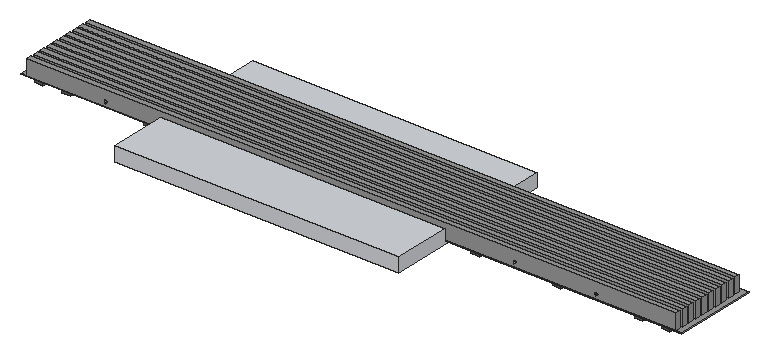
Revit family "1413-10, Veneer", category Generic Models, host Face, Revit 2020
Family settings
  Host = Face
  Can host rebar = No
  Round Connector Dimension = Use Diameter
  Part Type = Normal
  Cut with Voids When Loaded = No
  Shared = No
  Room Calculation Point = No
Parameters
  min_value [instance] = 2' - 4"  # constant formula
  max_value [instance] = 9' - 11 1/4"  # constant formula
  actual_value [instance] = if(NET LENGTH < min_value, min_value, if(NET LENGTH > max_value, max_value, NET LENGTH))  # 7' - 11 1/4"
  SCRIM MATERIAL [instance] = SCRIM
  SCRIM APPEARANCE [instance] = yes
  NET LENGTH [instance] = 7' - 11 1/4"
  IMPORTANT NOTE!!!                                                                             *Backer & dowel layout is for visualization purposes only, final layout to be determined by 9Wood. [instance] = ""
  Default Elevation = 4' - 0"
  DOWEL RADIUS [instance] = 0' - 0 1/4"  # constant formula
  BACKER & DOWEL MATERIAL [instance] = BLACK-BACKERS
  .. MEMBER WIDTH [instance] = 0' - 0 3/4"  # constant formula
  .. MEMBER MATERIAL [instance] = Veneer Cherry
  .. MEMBER DEPTH [instance] = 0' - 2 1/4"  # constant formula
  .. MEMBER COUNT [instance] = 10  # constant formula
Reference planes (in)
  plane 1 "Center (Front/Back)": y = 0
  plane 2: z = 0
  plane 3 "Center (Left/Right)": x = 0
Forms (in)
  Extrusion 1, solid
    sketch origin (0, 0, 0) x (1, 0, 0) y (0, 1, 0)
      loop
        line (-24.24823, 14.63962) -> (-24.24823, -10.69266) -> (17.36192, -10.69266) -> (17.36192, 14.63962) -> (-24.24823, 14.63962)
    from 0 to 2.0625
Dimensions and locks (in)
  aligned and locked: plane 2 to Extrusion 1
Nested families (in)
  nested 1: "1400 series" at (-44.01308, -2.1224, 0.00189), NET LENGTH <- "actual_value", .. MEMBER DEPTH <- ".. MEMBER DEPTH", .. MEMBER WIDTH <- ".. MEMBER WIDTH", DOWEL RADIUS <- "DOWEL RADIUS", BACKER & DOWEL MATERIAL <- "BACKER & DOWEL MATERIAL", .. MEMBER MATERIAL <- ".. MEMBER MATERIAL", SCRIM MATERIAL <- "SCRIM MATERIAL", MEMBER COUNT <- ".. MEMBER COUNT", SCRIM APPEARANCE <- "SCRIM APPEARANCE", type "1400 series"
    with X 7' - 8", SCRIM MATERIAL SCRIM, SCRIM LENGTH 8' - 1", SCRIM APPEARANCE yes, SCRIM 2 0' - 0 7/8", SCRIM 1 0' - 0 3/32", OC TYP 1' - 0", NET LENGTH 7' - 11 1/4", N 8, MEMBER COUNT 10, INSET 2 0' - 0 3/16", INSET 0' - 1", HALF MEMBER WIDTH 0' - 0 3/8", END BACKER yes, DOWEL RADIUS 0' - 0 1/4", DOWEL INDEX 0' - 11 5/8", DOWEL COUNT 7, BACKING M COUNT 8, BACKER WIDTH 0' - 1 1/4", BACKER INDEX 0' - 5 5/8", BACKER DEPTH 0' - 0 1/2", BACKER & DOWEL MATERIAL BLACK-BACKERS, BACKER &  DOWEL LENGTH 0' - 11 7/8", .. MEMBER WIDTH 0' - 0 3/4", .. MEMBER OC TYP 0' - 1.2", .. MEMBER MATERIAL Veneer Cherry, .. MEMBER DEPTH 0' - 2 1/4"
Definition of nested family "1400 series"
  Parameters (values of type "1400 series")
    X [instance] = NET LENGTH - 0' 3 1/4"  # 7' - 2"
    SCRIM MATERIAL [instance] = none
    SCRIM APPEARANCE [instance] = yes
    SCRIM 2 [instance] = 0' - 0 7/8"  # constant formula
    SCRIM 1 [instance] = 0' - 0 3/32"  # constant formula
    OC TYP [instance] = 1' - 0"  # constant formula
    N [instance] = if((X - (rounddown(X / 1' 0") * 1' 0")) > 1' 0", rounddown(X / 1' 0") + 2, rounddown(X / 1' 0") + 1)  # 8
    MEMBER COUNT [instance] = 2
    INSET 5 = 0' - 0 11/16"  # constant formula
    INSET 2 [instance] = 0' - 0 3/16"  # constant formula
    INSET [instance] = 0' - 1"  # constant formula
    END BACKER [instance] = BACKER INDEX > 0' 3 5/8"  # no
    HALF MEMBER WIDTH [instance] = .. MEMBER WIDTH / 2  # 0' - 1 1/8"
    Default Elevation = 0' - 0"
    DOWEL RADIUS [instance] = 0' - 0 1/4"
    DOWEL INDEX [instance] = BACKER INDEX + 0' 6"  # 0' - 8 5/8"
    DOWEL COUNT [instance] = N - 1  # 7
    BACKER WIDTH [instance] = 0' - 1 1/4"  # constant formula
    BACKER INDEX [instance] = (NET LENGTH - ((N - 1) * 1' 0")) / 2  # 0' - 2 5/8"
    BACKER DEPTH [instance] = 0' - 0 1/2"  # constant formula
    BACKING M COUNT [instance] = N  # 8
    BACKER & DOWEL MATERIAL [instance] = none
    BACKER &  DOWEL LENGTH [instance] = 0' - 11 7/8"  # constant formula
    SCRIM LENGTH [instance] = NET LENGTH + (SCRIM 2 * 2)  # 7' - 7"
    .. MEMBER WIDTH [instance] = 0' - 2 1/4"
    .. MEMBER OC TYP [instance] = 1' 0" / MEMBER COUNT  # 0' - 6"
    .. MEMBER MATERIAL [instance] = none
    NET LENGTH [instance] = 7' - 5 1/4"
    .. MEMBER DEPTH [instance] = 0' - 4"
  Reference planes (in)
    plane 1 "Center (Front/Back)": y = 0
    plane 2: z = 0
    plane 3 "Center (Left/Right)": x = 0
    plane 4: x = 89.25
    plane 5: x = 1
    plane 6: x = 88.25
    plane 7: x = 2.625
    plane 8: x = 8.625
    plane 9: x = 14.625
    plane 10: x = 20.625
    plane 11: y = 0.1875
    plane 12: y = 1.125
    plane 13: y = 7.125
    plane 14: y = 12.0625
    plane 15: x = 90.125
    plane 16: x = -0.875
    plane 17: y = 12.15625
    plane 18: y = -0.09375
    plane 19: z = 2.7097
    plane 20: z = 0.49811
    plane 21: z = 0.56061
    plane 22: z = 1.24811
  Lines and regions (in)
    model lines, not visible
      curve 1: line (8.625, 0, 0.99811) -> (8.625, 0, 1.49811)
      curve 2: line (8.625, 0, 1.49811) -> (8.375, 0, 1.24811)
      curve 3: line (8.375, 0, 1.24811) -> (8.875, 0, 1.24811)
      curve 4: line (20.625, 0, 0.99811) -> (20.625, 0, 1.49811)
      curve 5: line (20.625, 0, 1.49811) -> (20.375, 0, 1.24811)
      curve 6: line (20.375, 0, 1.24811) -> (20.875, 0, 1.24811)
      curve 7: line (32.625, 0, 0.99811) -> (32.625, 0, 1.49811)
      curve 8: line (32.625, 0, 1.49811) -> (32.375, 0, 1.24811)
      curve 9: line (32.375, 0, 1.24811) -> (32.875, 0, 1.24811)
      curve 10: line (44.625, 0, 0.99811) -> (44.625, 0, 1.49811)
      curve 11: line (44.625, 0, 1.49811) -> (44.375, 0, 1.24811)
      curve 12: line (44.375, 0, 1.24811) -> (44.875, 0, 1.24811)
      curve 13: line (56.625, 0, 0.99811) -> (56.625, 0, 1.49811)
      curve 14: line (56.625, 0, 1.49811) -> (56.375, 0, 1.24811)
      curve 15: line (56.375, 0, 1.24811) -> (56.875, 0, 1.24811)
      curve 16: line (68.625, 0, 0.99811) -> (68.625, 0, 1.49811)
      curve 17: line (68.625, 0, 1.49811) -> (68.375, 0, 1.24811)
      curve 18: line (68.375, 0, 1.24811) -> (68.875, 0, 1.24811)
      curve 19: line (80.625, 0, 0.99811) -> (80.625, 0, 1.49811)
      curve 20: line (80.625, 0, 1.49811) -> (80.375, 0, 1.24811)
      curve 21: line (80.375, 0, 1.24811) -> (80.875, 0, 1.24811)
  Dimensions and locks (in)
    "INSET": plane 3 "Center (Left/Right)" to plane 5
    "NET LENGTH": plane 3 "Center (Left/Right)" to plane 4
    "INSET": plane 6 to plane 4
    "BACKER INDEX": plane 3 "Center (Left/Right)" to plane 7
    "DOWEL INDEX": plane 3 "Center (Left/Right)" to plane 8
    "OC TYP": plane 7 to plane 9
    "OC TYP": plane 8 to plane 10
    "INSET 2": plane 1 "Center (Front/Back)" to plane 11
    equal spacing: group 1, group 2, group 5, group 6, group 7, group 13, group 14, group 16  (x3)
    equal spacing: group 3, group 4, group 8, group 9, group 10, group 15, group 17  (x3)
    group 11 to group 12 = 0' - 0"  (x2)
    group 11 to group 12 = 0' - 6"
    ".. MEMBER OC TYP": plane 13 to plane 12
    "HALF MEMBER WIDTH": plane 1 "Center (Front/Back)" to plane 12
    "SCRIM 2": plane 16 to plane 3 "Center (Left/Right)"
    "SCRIM 2": plane 4 to plane 15
    "SCRIM 1": plane 18 to plane 1 "Center (Front/Back)"
    "SCRIM 1": plane 17 to plane 14
    "INSET 5": plane 22 to plane 21
    aligned and locked: level to plane 2
    aligned and locked: plane 7 to nested 2
    aligned and locked: plane 5 to nested 1
    aligned and locked: plane 9 to nested 3
    aligned and locked: nested 1 to plane 5
    aligned and locked: nested 2 to plane 11
    aligned and locked: nested 1 to plane 11
    aligned and locked: nested 3 to plane 11
    aligned and locked: nested 4 to plane 11  (x2)
    aligned and locked: plane 10 to nested 5
    aligned and locked: plane 6 to nested 12
    aligned and locked: nested 5 to plane 11
    aligned and locked: plane 11 to nested 12
    aligned and locked: plane 12 to nested 13
    aligned and locked: nested 14 to plane 13
    aligned and locked: plane 14 to nested 8
    aligned and locked: plane 16 to nested 15
    aligned and locked: nested 15 to plane 18
    aligned and locked: nested 15 to plane 17
    aligned and locked: nested 15 to plane 16  (x2)
    aligned and locked: nested 1 to level
    aligned and locked: level to nested 3
    aligned and locked: plane 20 to nested 2
    aligned and locked: plane 20 to nested 1
    aligned and locked: plane 20 to nested 3
    aligned and locked: nested 12 to plane 20
    aligned and locked: nested 15 to plane 20
    aligned and locked: plane 21 to nested 15
    aligned and locked: nested 13 to plane 21
    aligned and locked: plane 22 to nested 4
    aligned and locked: plane 22 to nested 5
    aligned and locked: nested 13 to plane 8
    aligned and locked: plane 10 to nested 13
    aligned and locked: curve 1 to nested 13
    aligned and locked: nested 13 to curve 4
  Automatic sketch dimensions
    curve 3 to curve 1 = 0' - 0 1/4"  (x2)
    curve 1 to curve 3 = 0' - 0 1/4"
    curve 1 to curve 2 = 0' - 0 1/4"
    curve 6 to curve 4 = 0' - 0 1/4"  (x2)
    curve 4 to curve 6 = 0' - 0 1/4"
    curve 4 to curve 5 = 0' - 0 1/4"
    curve 9 to curve 7 = 0' - 0 1/4"  (x2)
    curve 7 to curve 9 = 0' - 0 1/4"
    curve 7 to curve 8 = 0' - 0 1/4"
    curve 12 to curve 10 = 0' - 0 1/4"  (x2)
    curve 10 to curve 12 = 0' - 0 1/4"
    curve 10 to curve 11 = 0' - 0 1/4"
    curve 15 to curve 13 = 0' - 0 1/4"  (x2)
    curve 13 to curve 15 = 0' - 0 1/4"
    curve 13 to curve 14 = 0' - 0 1/4"
    curve 18 to curve 16 = 0' - 0 1/4"  (x2)
    curve 16 to curve 18 = 0' - 0 1/4"
    curve 16 to curve 17 = 0' - 0 1/4"
    curve 21 to curve 19 = 0' - 0 1/4"  (x2)
    curve 19 to curve 21 = 0' - 0 1/4"
    curve 19 to curve 20 = 0' - 0 1/4"
  Nested families (in)
    nested 1: "INSTANCE - 3RD -  EXTEND BOTH SIDES - Parametric Cube.0001" at (1, 0.1875, 0.49811), Length <- "BACKER &  DOWEL LENGTH", Width <- "BACKER WIDTH", Height <- "BACKER DEPTH", Material <- "BACKER & DOWEL MATERIAL", visible <- "END BACKER", type "INSTANCE - 3RD -  EXTEND BOTH SIDES - Parametric Cube.0001"
      with Width 0' - 1 1/4", Material none, Length 0' - 11 7/8", Height 0' - 0 1/2"
    nested 2: "INSTANCE - 2ND -  EXTEND SIDE H CENTER W - Parametric Cube.0001" at (2.625, 0.1875, 0.49811), Width <- "BACKER WIDTH", Length <- "BACKER &  DOWEL LENGTH", Height <- "BACKER DEPTH", Material <- "BACKER & DOWEL MATERIAL", type "INSTANCE - 2ND -  EXTEND SIDE H CENTER W - Parametric Cube.0001"
      with Width 0' - 1 1/4", Material none, Length 0' - 11 7/8", Height 0' - 0 1/2"
    nested 3: "INSTANCE - 2ND -  EXTEND SIDE H CENTER W - Parametric Cube.0001" at (14.625, 0.1875, 0.49811), Width <- "BACKER WIDTH", Length <- "BACKER &  DOWEL LENGTH", Height <- "BACKER DEPTH", Material <- "BACKER & DOWEL MATERIAL", type "INSTANCE - 2ND -  EXTEND SIDE H CENTER W - Parametric Cube.0001"
      with Width 0' - 1 1/4", Material none, Length 0' - 11 7/8", Height 0' - 0 1/2"
    nested 4: "DOWEL" at (-1.375, 0.1875, 1.24811), DOWEL LENGTH <- "BACKER &  DOWEL LENGTH", DOWEL RADII <- "DOWEL RADIUS", BACKING MEM MATERIAL <- "BACKER & DOWEL MATERIAL", type "DOWEL"
      with DOWEL RADII 0' - 0 1/4", DOWEL LENGTH 0' - 11 7/8", BACKING MEM MATERIAL none
    nested 5: "DOWEL" at (10.625, 0.1875, 1.24811), DOWEL LENGTH <- "BACKER &  DOWEL LENGTH", DOWEL RADII <- "DOWEL RADIUS", BACKING MEM MATERIAL <- "BACKER & DOWEL MATERIAL", type "DOWEL"
      with DOWEL RADII 0' - 0 1/4", DOWEL LENGTH 0' - 11 7/8", BACKING MEM MATERIAL none
    nested 6: "INSTANCE - 2ND -  EXTEND SIDE H CENTER W - Parametric Cube.0001" at (26.625, 0.1875, 0.49811), Width <- "BACKER WIDTH", Length <- "BACKER &  DOWEL LENGTH", Height <- "BACKER DEPTH", Material <- "BACKER & DOWEL MATERIAL", type "INSTANCE - 2ND -  EXTEND SIDE H CENTER W - Parametric Cube.0001"
      with Width 0' - 1 1/4", Material none, Length 0' - 11 7/8", Height 0' - 0 1/2"
    nested 7: "INSTANCE - 2ND -  EXTEND SIDE H CENTER W - Parametric Cube.0001" at (38.625, 0.1875, 0.49811), Width <- "BACKER WIDTH", Length <- "BACKER &  DOWEL LENGTH", Height <- "BACKER DEPTH", Material <- "BACKER & DOWEL MATERIAL", type "INSTANCE - 2ND -  EXTEND SIDE H CENTER W - Parametric Cube.0001"
      with Width 0' - 1 1/4", Material none, Length 0' - 11 7/8", Height 0' - 0 1/2"
    nested 8: "INSTANCE - 2ND -  EXTEND SIDE H CENTER W - Parametric Cube.0001" at (50.625, 0.1875, 0.49811), Width <- "BACKER WIDTH", Length <- "BACKER &  DOWEL LENGTH", Height <- "BACKER DEPTH", Material <- "BACKER & DOWEL MATERIAL", type "INSTANCE - 2ND -  EXTEND SIDE H CENTER W - Parametric Cube.0001"
      with Width 0' - 1 1/4", Material none, Length 0' - 11 7/8", Height 0' - 0 1/2"
    nested 9: "DOWEL" at (22.625, 0.1875, 1.24811), DOWEL LENGTH <- "BACKER &  DOWEL LENGTH", DOWEL RADII <- "DOWEL RADIUS", BACKING MEM MATERIAL <- "BACKER & DOWEL MATERIAL", type "DOWEL"
      with DOWEL RADII 0' - 0 1/4", DOWEL LENGTH 0' - 11 7/8", BACKING MEM MATERIAL none
    nested 10: "DOWEL" at (34.625, 0.1875, 1.24811), DOWEL LENGTH <- "BACKER &  DOWEL LENGTH", DOWEL RADII <- "DOWEL RADIUS", BACKING MEM MATERIAL <- "BACKER & DOWEL MATERIAL", type "DOWEL"
      with DOWEL RADII 0' - 0 1/4", DOWEL LENGTH 0' - 11 7/8", BACKING MEM MATERIAL none
    nested 11: "DOWEL" at (46.625, 0.1875, 1.24811), DOWEL LENGTH <- "BACKER &  DOWEL LENGTH", DOWEL RADII <- "DOWEL RADIUS", BACKING MEM MATERIAL <- "BACKER & DOWEL MATERIAL", type "DOWEL"
      with DOWEL RADII 0' - 0 1/4", DOWEL LENGTH 0' - 11 7/8", BACKING MEM MATERIAL none
    nested 12: "INSTANCE - 3RD -  EXTEND BOTH SIDES - Parametric Cube.0001" at (88.25, 0.1875, 0.49811) x (-1, 0, 0) z (0, 0, 1), Width <- "BACKER WIDTH", Length <- "BACKER &  DOWEL LENGTH", Height <- "BACKER DEPTH", Material <- "BACKER & DOWEL MATERIAL", visible <- "END BACKER", type "INSTANCE - 3RD -  EXTEND BOTH SIDES - Parametric Cube.0001"
      with Width 0' - 1 1/4", Material none, Length 0' - 11 7/8", Height 0' - 0 1/2"
    nested 13: "HOLED MEMBER" at (0, -9.75, 8.12965), DOWEL INDEX <- "DOWEL INDEX", .. MEMBER LENGTH <- "NET LENGTH", .. MEMBER WIDTH <- ".. MEMBER WIDTH", DOWEL OC DIST <- "OC TYP", DOWEL RADII <- "DOWEL RADIUS", Material <- ".. MEMBER MATERIAL", DEPTH <- ".. MEMBER DEPTH", DOWEL COUNT <- "DOWEL COUNT", Space <- "INSET 5", type "HOLED MEMBER"
      with Space 0' - 0 11/16", Material none, Height 0' - 10.43096", HALF MEMBER WIDTH 0' - 1 1/8", DOWEL RADII 0' - 0 1/4", DOWEL OC DIST 1' - 0", DOWEL INDEX 0' - 8 5/8", DOWEL COUNT 7, DEPTH 0' - 4", .. MEMBER WIDTH 0' - 2 1/4", .. MEMBER LENGTH 7' - 5 1/4"
    nested 14: "HOLED MEMBER" at (0, -3.75, 8.12965), DOWEL INDEX <- "DOWEL INDEX", .. MEMBER LENGTH <- "NET LENGTH", .. MEMBER WIDTH <- ".. MEMBER WIDTH", DOWEL OC DIST <- "OC TYP", DOWEL RADII <- "DOWEL RADIUS", Material <- ".. MEMBER MATERIAL", DEPTH <- ".. MEMBER DEPTH", DOWEL COUNT <- "DOWEL COUNT", Space <- "INSET 5", type "HOLED MEMBER"
      with Space 0' - 0 11/16", Material none, Height 0' - 10.43096", HALF MEMBER WIDTH 0' - 1 1/8", DOWEL RADII 0' - 0 1/4", DOWEL OC DIST 1' - 0", DOWEL INDEX 0' - 8 5/8", DOWEL COUNT 7, DEPTH 0' - 4", .. MEMBER WIDTH 0' - 2 1/4", .. MEMBER LENGTH 7' - 5 1/4"
    nested 15: "INSTANCE - 3RD -  EXTEND BOTH SIDES - Parametric Cube.0001" at (-0.875, -0.09375, 0.56061), Width <- "SCRIM LENGTH", Material <- "SCRIM MATERIAL", visible <- "SCRIM APPEARANCE", type "INSTANCE - 3RD -  EXTEND BOTH SIDES - Parametric Cube.0001"
      with Width 7' - 7", Material none, Length 1' - 0 1/4", Height 0' - 0 1/16"
    nested 16: "INSTANCE - 2ND -  EXTEND SIDE H CENTER W - Parametric Cube.0001" at (62.625, 0.1875, 0.49811), Width <- "BACKER WIDTH", Length <- "BACKER &  DOWEL LENGTH", Height <- "BACKER DEPTH", Material <- "BACKER & DOWEL MATERIAL", type "INSTANCE - 2ND -  EXTEND SIDE H CENTER W - Parametric Cube.0001"
      with Width 0' - 1 1/4", Material none, Length 0' - 11 7/8", Height 0' - 0 1/2"
    nested 17: "INSTANCE - 2ND -  EXTEND SIDE H CENTER W - Parametric Cube.0001" at (74.625, 0.1875, 0.49811), Width <- "BACKER WIDTH", Length <- "BACKER &  DOWEL LENGTH", Height <- "BACKER DEPTH", Material <- "BACKER & DOWEL MATERIAL", type "INSTANCE - 2ND -  EXTEND SIDE H CENTER W - Parametric Cube.0001"
      with Width 0' - 1 1/4", Material none, Length 0' - 11 7/8", Height 0' - 0 1/2"
    nested 18: "DOWEL" at (58.625, 0.1875, 1.24811), DOWEL LENGTH <- "BACKER &  DOWEL LENGTH", DOWEL RADII <- "DOWEL RADIUS", BACKING MEM MATERIAL <- "BACKER & DOWEL MATERIAL", type "DOWEL"
      with DOWEL RADII 0' - 0 1/4", DOWEL LENGTH 0' - 11 7/8", BACKING MEM MATERIAL none
    nested 19: "INSTANCE - 2ND -  EXTEND SIDE H CENTER W - Parametric Cube.0001" at (86.625, 0.1875, 0.49811), Width <- "BACKER WIDTH", Length <- "BACKER &  DOWEL LENGTH", Height <- "BACKER DEPTH", Material <- "BACKER & DOWEL MATERIAL", type "INSTANCE - 2ND -  EXTEND SIDE H CENTER W - Parametric Cube.0001"
      with Width 0' - 1 1/4", Material none, Length 0' - 11 7/8", Height 0' - 0 1/2"
    nested 20: "DOWEL" at (70.625, 0.1875, 1.24811), DOWEL LENGTH <- "BACKER &  DOWEL LENGTH", DOWEL RADII <- "DOWEL RADIUS", BACKING MEM MATERIAL <- "BACKER & DOWEL MATERIAL", type "DOWEL"
      with DOWEL RADII 0' - 0 1/4", DOWEL LENGTH 0' - 11 7/8", BACKING MEM MATERIAL none
  Definition of nested family "INSTANCE - 3RD -  EXTEND BOTH SIDES - Parametric Cube.0001"
    Parameters (values of type "INSTANCE - 3RD -  EXTEND BOTH SIDES - Parametric Cube.0001")
      Width [instance] = 0' - 6"
      Material [instance] = none
      Length [instance] = 1' - 0"
      Height [instance] = 1' - 6"
      Default Elevation = 0' - 0"
    Reference planes (in)
      plane 1 "Center (Front/Back)": y = 0
      plane 2: z = 0
      plane 3 "Center (Left/Right)": x = 0
      plane 4: x = 6
      plane 5: y = 12
      plane 6: z = -18
    Forms (in)
      Extrusion 1, solid, material <- "Material"
        sketch origin (0, 6, 0) x (1, 0, 0) y (0, 1, 0)
          loop
            line (0, 6) -> (0, -6) -> (6, -6) -> (6, 6) -> (0, 6)
        from -18 to 0
    Dimensions and locks (in)
      "Height": plane 6 to level
      "Length": plane 1 "Center (Front/Back)" to plane 5
      "Width": plane 3 "Center (Left/Right)" to plane 4
      aligned and locked: plane 2 to level
      aligned and locked: Extrusion 1 sketch curve to plane 4
      aligned and locked: Extrusion 1 to plane 6
      aligned and locked: plane 5 to Extrusion 1
      aligned and locked: Extrusion 1 to plane 3 "Center (Left/Right)"
    Automatic sketch dimensions
      plane 1 "Center (Front/Back)" to Extrusion 1 sketch curve = 0' - 0"
      plane 5 to Extrusion 1 sketch curve = 0' - 0"
      Extrusion 1 sketch curve to plane 3 "Center (Left/Right)" = 0' - 0"
  Definition of nested family "INSTANCE - 2ND -  EXTEND SIDE H CENTER W - Parametric Cube.0001"
    Parameters (values of type "INSTANCE - 2ND -  EXTEND SIDE H CENTER W - Parametric Cube.0001")
      Width [instance] = 0' - 6"
      Material [instance] = none
      Length [instance] = 1' - 0"
      Height [instance] = 1' - 6"
      Default Elevation = 0' - 0"
    Reference planes (in)
      plane 1 "Center (Front/Back)": y = 0
      plane 2: z = 0
      plane 3 "Center (Left/Right)": x = 0
      plane 4: x = -3
      plane 5: x = 3
      plane 6: y = 12
      plane 7: z = -18
    Forms (in)
      Extrusion 1, solid, material <- "Material"
        sketch origin (0, 6, 0) x (1, 0, 0) y (0, 1, 0)
          loop
            line (-3, 6) -> (-3, -6) -> (3, -6) -> (3, 6) -> (-3, 6)
        from -18 to 0
    Dimensions and locks (in)
      equal spacing: plane 4, plane 3 "Center (Left/Right)", plane 5
      "Width": plane 4 to plane 5
      "Height": plane 7 to level
      "Length": plane 1 "Center (Front/Back)" to plane 6
      aligned and locked: plane 2 to level
      aligned and locked: plane 4 to Extrusion 1 sketch curve
      aligned and locked: Extrusion 1 sketch curve to plane 5
      aligned and locked: Extrusion 1 to plane 7
      aligned and locked: plane 6 to Extrusion 1
    Automatic sketch dimensions
      plane 1 "Center (Front/Back)" to Extrusion 1 sketch curve = 0' - 0"
      plane 6 to Extrusion 1 sketch curve = 0' - 0"
  Definition of nested family "DOWEL"
    Parameters (values of type "DOWEL")
      Default Elevation = 0' - 0"
      DOWEL RADII [instance] = 0' - 0 5/8"
      DOWEL LENGTH [instance] = 1' - 0"
      BACKING MEM MATERIAL [instance] = none
    Reference planes (in)
      plane 1 "Center (Front/Back)": y = 0
      plane 2: z = 0
      plane 3 "Center (Left/Right)": x = 0
      plane 4: y = 12
    Forms (in)
      Extrusion 1, solid, material <- "BACKING MEM MATERIAL"
        sketch origin (10, 0, 0) x (1, 0, 0) y (0, 0, 1)
          loop
            circle (0, 0) r 0.625
        from 0 to -12
      Extrusion 2, solid, not visible
        sketch origin (0, 0, 0) x (1, 0, 0) y (0, 0, 1)
          loop
            circle (0, 0) r 0.625
        from 0 to 12
      Extrusion 3, solid, not visible
        sketch origin (10, 0, 0) x (1, 0, 0) y (0, 0, 1)
          loop
            circle (0, 0) r 0.625
        from 0 to 2.5
      Extrusion 4, solid, not visible
        sketch origin (10, 0, 0) x (1, 0, 0) y (0, 0, 1)
          loop
            circle (0, 0) r 0.625
        from 0 to -12
    Lines and regions (in)
      model lines, not visible
        curve 1: line (-13, 0, 0) -> (-13, -12, 0)
        curve 2: line (13, 0, 0) -> (13, -12, 0)
        curve 3: line (9.89453, 0, 0) -> (10.08794, 0, 0)
        curve 4: line (9.89453, -2.5, 0) -> (10.08794, -2.5, 0)
        curve 6: line (10, 0, 0) -> (10, 2, 0)
      model lines
        curve 5: line (10, 0, 0) -> (10, 2, 0)
    Dimensions and locks (in)
      "DOWEL LENGTH": plane 1 "Center (Front/Back)" to plane 4
      "DOWEL RADII": radius of Extrusion 1 sketch curve
      "DOWEL RADII": radius of Extrusion 2 sketch curve
      "DOWEL RADII": radius of Extrusion 3 sketch curve
      "DOWEL RADII": radius of Extrusion 4 sketch curve
      "DOWEL RADII": radius of Extrusion 1
      aligned and locked: plane 2 to level
      aligned and locked: Extrusion 1 to plane 1 "Center (Front/Back)"  (x3)
      aligned and locked: plane 1 "Center (Front/Back)" to Extrusion 1
      aligned and locked: plane 4 to Extrusion 1
    Automatic sketch dimensions
      plane 1 "Center (Front/Back)" to curve 5 = 0' - 0"
      curve 5 to plane 1 "Center (Front/Back)" = 0' - 2"
      plane 3 "Center (Left/Right)" to curve 5 = 0' - 10"
      Extrusion 1 sketch curve to level = 0' - 0"
      plane 3 "Center (Left/Right)" to Extrusion 1 sketch curve = 0' - 10"
  Definition of nested family "HOLED MEMBER"
    Parameters (values of type "HOLED MEMBER")
      Space [instance] = 0' - 0 5/8"
      Material [instance] = none
      Height [instance] = 0' - 10.43096"
      HALF MEMBER WIDTH [instance] = .. MEMBER WIDTH / 2  # 0' - 0 5/16"
      Default Elevation = 0' - 0"
      DOWEL RADII [instance] = 0' - 0.34537"
      DOWEL OC DIST [instance] = 1' - 0"
      DOWEL INSET = 0' - 0 5/8"
      DOWEL INDEX [instance] = 0' - 5 5/8"
      DOWEL COUNT [instance] = 6
      DEPTH [instance] = 0' - 2"
      .. MEMBER WIDTH [instance] = 0' - 0 5/8"
      .. MEMBER LENGTH [instance] = 5' - 11 3/4"
    Reference planes (in)
      plane 1 "Center (Front/Back)": y = 12
      plane 2: z = -7.56904
      plane 3 "Center (Left/Right)": x = 0
      plane 4: x = 5.625
      plane 5: x = 17.625
      plane 6: y = 11.375
      plane 7: x = 71.75
      plane 8: y = 11.6875
      plane 9: z = -6.94404
      plane 10: z = -5.56904
    Forms (in)
      Extrusion 1, solid, material <- "Material"
        sketch origin (0, 12, -13.56904) x (1, 0, 0) y (0, 0, 1)
          loop
            line (0, 6) -> (71.75, 6) -> (71.75, 8) -> (0, 8) -> (0, 6)
        from 0.625 to 0
      Extrusion 2, void
        sketch origin (0, 12, -18.31904) x (1, 0, 0) y (0, 0, 1)
          loop
            circle (5.625, 11.375) r 0.34537
        from 0 to 12
      Extrusion 3, void, not visible
        sketch origin (0, 0, 0) x (1, 0, 0) y (0, 1, 0)
          loop
            circle (5.625, 11.375) r 0.34537
        from 0 to 12
      Extrusion 4, void, not visible
        sketch origin (0, 0, 0) x (1, 0, 0) y (0, 1, 0)
          loop
            circle (5.625, 11.375) r 0.34537
        from 0 to 12
      Extrusion 5, void, not visible
        sketch origin (12, 0, 0) x (1, 0, 0) y (0, 1, 0)
          loop
            circle (5.625, 11.375) r 0.34537
        from 0 to 12
      Extrusion 6, void, not visible
        sketch origin (0, 12, -17.56904) x (1, 0, 0) y (0, 0, 1)
          loop
            circle (5.625, 11.375) r 0.34537
        from 0 to 12
      Extrusion 7, void, not visible
        sketch origin (12, 12, -17.56904) x (1, 0, 0) y (0, 0, 1)
          loop
            circle (5.625, 11.375) r 0.34537
        from 0 to 12
      Extrusion 8, void, not visible
        sketch origin (0, 12, -19.56904) x (1, 0, 0) y (0, 0, 1)
          loop
            circle (5.625, 11.375) r 0.34537
        from 0 to 12
      Extrusion 9, void
        sketch origin (12, 12, -18.31904) x (1, 0, 0) y (0, 0, 1)
          loop
            circle (5.625, 11.375) r 0.34537
        from 0 to 12
      Extrusion 10, void
        sketch origin (24, 12, -18.31904) x (1, 0, 0) y (0, 0, 1)
          loop
            circle (5.625, 11.375) r 0.34537
        from 0 to 12
      Extrusion 11, void
        sketch origin (36, 12, -18.31904) x (1, 0, 0) y (0, 0, 1)
          loop
            circle (5.625, 11.375) r 0.34537
        from 0 to 12
      Extrusion 12, void
        sketch origin (48, 12, -18.31904) x (1, 0, 0) y (0, 0, 1)
          loop
            circle (5.625, 11.375) r 0.34537
        from 0 to 12
      Extrusion 13, void
        sketch origin (60, 12, -18.31904) x (1, 0, 0) y (0, 0, 1)
          loop
            circle (5.625, 11.375) r 0.34537
        from 0 to 12
      Extrusion 14, void, not visible
        sketch origin (24, 12, -17.56904) x (1, 0, 0) y (0, 0, 1)
          loop
            circle (5.625, 11.375) r 0.34537
        from 0 to 12
      Extrusion 15, void, not visible
        sketch origin (36, 12, -17.56904) x (1, 0, 0) y (0, 0, 1)
          loop
            circle (5.625, 11.375) r 0.34537
        from 0 to 12
      Extrusion 16, void, not visible
        sketch origin (48, 12, -17.56904) x (1, 0, 0) y (0, 0, 1)
          loop
            circle (5.625, 11.375) r 0.34537
        from 0 to 12
      Extrusion 17, void, not visible
        sketch origin (60, 12, -17.56904) x (1, 0, 0) y (0, 0, 1)
          loop
            circle (5.625, 11.375) r 0.34537
        from 0 to 12
      Extrusion 18, void, not visible
        sketch origin (24, 0, 0) x (1, 0, 0) y (0, 1, 0)
          loop
            circle (5.625, 11.375) r 0.34537
        from 0 to 12
      Extrusion 19, void, not visible
        sketch origin (36, 0, 0) x (1, 0, 0) y (0, 1, 0)
          loop
            circle (5.625, 11.375) r 0.34537
        from 0 to 12
      Extrusion 20, void, not visible
        sketch origin (48, 0, 0) x (1, 0, 0) y (0, 1, 0)
          loop
            circle (5.625, 11.375) r 0.34537
        from 0 to 12
      Extrusion 21, void, not visible
        sketch origin (60, 0, 0) x (1, 0, 0) y (0, 1, 0)
          loop
            circle (5.625, 11.375) r 0.34537
        from 0 to 12
    Cuts and joins
      Extrusion 2, Extrusion 9, Extrusion 10, Extrusion 11, Extrusion 12, Extrusion 13 cuts Extrusion 1
    Lines and regions (in)
      model lines, not visible
        curve 1: line (5.625, 11.72037, 0) -> (5.625, 11.02963, 0)
        curve 2: line (5.625, 11.72037, 0) -> (5.625, 11.02963, 0)
        curve 3: line (17.625, 11.72037, 0) -> (17.625, 11.02963, 0)
        curve 4: line (5.625, 12, -7.56904) -> (5.625, 11.87317, -7.56904)
        curve 5: line (5.625, 11.87317, -7.56904) -> (5.06195, 11.87317, -7.56904)
        curve 6: line (5.06195, 11.87317, -7.56904) -> (5.27963, 11.375, -7.56904)
        curve 7: line (0, 12, -6.19404) -> (0, 11.61951, -6.19404)
        curve 9: line (0, 11.375, -8.19404) -> (0, 11.6747, -8.19404)
        curve 10: line (5.625, 12, -7.56904) -> (5.625, 11.69863, -7.56904)
        curve 11: line (5.625, 12, -7.56904) -> (5.625, 11.69863, -7.56904)
        curve 12: line (5.625, 10.75, 0) -> (5.625, 10.75, 0.30137)
        curve 13: line (5.625, 10.75, 0) -> (5.625, 10.75, 0.30137)
        curve 14: line (17.625, 10.75, 0) -> (17.625, 10.75, 0.30137)
        curve 15: line (5.625, 12, -6.81904) -> (5.625, 11.69863, -6.81904)
        curve 16: line (17.625, 12, -6.81904) -> (17.625, 11.69863, -6.81904)
        curve 17: line (5.625, 12, -8.81904) -> (5.625, 11.69863, -8.81904)
        curve 18: line (17.625, 12, -7.56904) -> (17.625, 11.69863, -7.56904)
        curve 19: line (29.625, 12, -7.56904) -> (29.625, 11.69863, -7.56904)
        curve 20: line (41.625, 12, -7.56904) -> (41.625, 11.69863, -7.56904)
        curve 21: line (53.625, 12, -7.56904) -> (53.625, 11.69863, -7.56904)
        curve 22: line (65.625, 12, -7.56904) -> (65.625, 11.69863, -7.56904)
        curve 23: line (29.625, 12, -6.81904) -> (29.625, 11.69863, -6.81904)
        curve 24: line (41.625, 12, -6.81904) -> (41.625, 11.69863, -6.81904)
        curve 25: line (53.625, 12, -6.81904) -> (53.625, 11.69863, -6.81904)
        curve 26: line (65.625, 12, -6.81904) -> (65.625, 11.69863, -6.81904)
        curve 27: line (29.625, 11.72037, 0) -> (29.625, 11.02963, 0)
        curve 28: line (29.625, 10.75, 0) -> (29.625, 10.75, 0.30137)
        curve 29: line (41.625, 11.72037, 0) -> (41.625, 11.02963, 0)
        curve 30: line (41.625, 10.75, 0) -> (41.625, 10.75, 0.30137)
        curve 31: line (53.625, 11.72037, 0) -> (53.625, 11.02963, 0)
        curve 32: line (53.625, 10.75, 0) -> (53.625, 10.75, 0.30137)
        curve 33: line (65.625, 11.72037, 0) -> (65.625, 11.02963, 0)
        curve 34: line (65.625, 10.75, 0) -> (65.625, 10.75, 0.30137)
        curve 35: line (5.27963, 12, -6.94404) -> (5.97037, 12, -6.94404)
        curve 36: line (5.97037, 12, -6.94404) -> (5.625, 12, -6.59867)
        curve 37: line (5.625, 12, -6.59867) -> (5.625, 12, -7.28941)
        curve 38: line (5.27963, 11.375, 0) -> (5.97037, 11.375, 0)
        curve 39: line (5.97037, 11.375, 0) -> (5.625, 11.72037, 0)
        curve 40: line (5.625, 11.72037, 0) -> (5.625, 11.02963, 0)
        curve 41: line (5.27963, 11.375, 0) -> (5.97037, 11.375, 0)
        curve 42: line (5.97037, 11.375, 0) -> (5.625, 11.72037, 0)
        curve 43: line (5.625, 11.72037, 0) -> (5.625, 11.02963, 0)
        curve 44: line (17.27963, 11.375, 0) -> (17.97037, 11.375, 0)
        curve 45: line (17.97037, 11.375, 0) -> (17.625, 11.72037, 0)
        curve 46: line (17.625, 11.72037, 0) -> (17.625, 11.02963, 0)
        curve 47: line (5.27963, 12, -6.19404) -> (5.97037, 12, -6.19404)
        curve 48: line (5.97037, 12, -6.19404) -> (5.625, 12, -5.84867)
        curve 49: line (5.625, 12, -5.84867) -> (5.625, 12, -6.53941)
        curve 50: line (17.27963, 12, -6.19404) -> (17.97037, 12, -6.19404)
        curve 51: line (17.97037, 12, -6.19404) -> (17.625, 12, -5.84867)
        curve 52: line (17.625, 12, -5.84867) -> (17.625, 12, -6.53941)
        curve 53: line (5.27963, 12, -8.19404) -> (5.97037, 12, -8.19404)
        curve 54: line (5.97037, 12, -8.19404) -> (5.625, 12, -7.84867)
        curve 55: line (5.625, 12, -7.84867) -> (5.625, 12, -8.53941)
        curve 56: line (17.27963, 12, -6.94404) -> (17.97037, 12, -6.94404)
        curve 57: line (17.97037, 12, -6.94404) -> (17.625, 12, -6.59867)
        curve 58: line (17.625, 12, -6.59867) -> (17.625, 12, -7.28941)
        curve 59: line (29.27963, 12, -6.94404) -> (29.97037, 12, -6.94404)
        curve 60: line (29.97037, 12, -6.94404) -> (29.625, 12, -6.59867)
        curve 61: line (29.625, 12, -6.59867) -> (29.625, 12, -7.28941)
        curve 62: line (41.27963, 12, -6.94404) -> (41.97037, 12, -6.94404)
        curve 63: line (41.97037, 12, -6.94404) -> (41.625, 12, -6.59867)
        curve 64: line (41.625, 12, -6.59867) -> (41.625, 12, -7.28941)
        curve 65: line (53.27963, 12, -6.94404) -> (53.97037, 12, -6.94404)
        curve 66: line (53.97037, 12, -6.94404) -> (53.625, 12, -6.59867)
        curve 67: line (53.625, 12, -6.59867) -> (53.625, 12, -7.28941)
        curve 68: line (65.27963, 12, -6.94404) -> (65.97037, 12, -6.94404)
        curve 69: line (65.97037, 12, -6.94404) -> (65.625, 12, -6.59867)
        curve 70: line (65.625, 12, -6.59867) -> (65.625, 12, -7.28941)
        curve 71: line (29.27963, 12, -6.19404) -> (29.97037, 12, -6.19404)
        curve 72: line (29.97037, 12, -6.19404) -> (29.625, 12, -5.84867)
        curve 73: line (29.625, 12, -5.84867) -> (29.625, 12, -6.53941)
        curve 74: line (41.27963, 12, -6.19404) -> (41.97037, 12, -6.19404)
        curve 75: line (41.97037, 12, -6.19404) -> (41.625, 12, -5.84867)
        curve 76: line (41.625, 12, -5.84867) -> (41.625, 12, -6.53941)
        curve 77: line (53.27963, 12, -6.19404) -> (53.97037, 12, -6.19404)
        curve 78: line (53.97037, 12, -6.19404) -> (53.625, 12, -5.84867)
        curve 79: line (53.625, 12, -5.84867) -> (53.625, 12, -6.53941)
        curve 80: line (65.27963, 12, -6.19404) -> (65.97037, 12, -6.19404)
        curve 81: line (65.97037, 12, -6.19404) -> (65.625, 12, -5.84867)
        curve 82: line (65.625, 12, -5.84867) -> (65.625, 12, -6.53941)
        curve 83: line (29.27963, 11.375, 0) -> (29.97037, 11.375, 0)
        curve 84: line (29.97037, 11.375, 0) -> (29.625, 11.72037, 0)
        curve 85: line (29.625, 11.72037, 0) -> (29.625, 11.02963, 0)
        curve 86: line (41.27963, 11.375, 0) -> (41.97037, 11.375, 0)
        curve 87: line (41.97037, 11.375, 0) -> (41.625, 11.72037, 0)
        curve 88: line (41.625, 11.72037, 0) -> (41.625, 11.02963, 0)
        curve 89: line (53.27963, 11.375, 0) -> (53.97037, 11.375, 0)
        curve 90: line (53.97037, 11.375, 0) -> (53.625, 11.72037, 0)
        curve 91: line (53.625, 11.72037, 0) -> (53.625, 11.02963, 0)
        curve 92: line (65.27963, 11.375, 0) -> (65.97037, 11.375, 0)
        curve 93: line (65.97037, 11.375, 0) -> (65.625, 11.72037, 0)
        curve 94: line (65.625, 11.72037, 0) -> (65.625, 11.02963, 0)
      model lines
        curve 8: line (5.625, 12, -7.56904) -> (5.625, 11.69863, -7.56904)
    Dimensions and locks (in)
      "DOWEL INDEX": plane 3 "Center (Left/Right)" to plane 4
      "DOWEL OC DIST": plane 4 to plane 5
      ".. MEMBER LENGTH": plane 3 "Center (Left/Right)" to plane 7
      equal spacing: group 3, group 4, group 21, group 22, group 23, group 24  (x3)
      equal spacing: group 7, group 8, group 17, group 18, group 19, group 20  (x3)
      ".. MEMBER WIDTH": plane 6 to plane 1 "Center (Front/Back)"
      "HALF MEMBER WIDTH": plane 8 to plane 1 "Center (Front/Back)"
      equal spacing: group 1, group 12, group 13, group 14, group 15, group 16  (x2)
      equal spacing: group 16, group 15, group 14, group 13, group 12, group 1
      "DEPTH": plane 10 to level
      "Space": plane 9 to level
      "DOWEL RADII": radius of Extrusion 2 sketch curve
      "DOWEL RADII": radius of Extrusion 3 sketch curve
      "DOWEL RADII": radius of Extrusion 4 sketch curve
      "DOWEL RADII": radius of Extrusion 5 sketch curve
      "DOWEL RADII": radius of Extrusion 6 sketch curve
      "DOWEL RADII": radius of Extrusion 7 sketch curve
      "DOWEL RADII": radius of Extrusion 8 sketch curve
      "DOWEL RADII": radius of Extrusion 9 sketch curve
      "DOWEL RADII": radius of Extrusion 10 sketch curve
      "DOWEL RADII": radius of Extrusion 11 sketch curve
      "DOWEL RADII": radius of Extrusion 12 sketch curve
      "DOWEL RADII": radius of Extrusion 13 sketch curve
      "DOWEL RADII": radius of Extrusion 14 sketch curve
      "DOWEL RADII": radius of Extrusion 15 sketch curve
      "DOWEL RADII": radius of Extrusion 16 sketch curve
      "DOWEL RADII": radius of Extrusion 17 sketch curve
      "DOWEL RADII": radius of Extrusion 18 sketch curve
      "DOWEL RADII": radius of Extrusion 19 sketch curve
      "DOWEL RADII": radius of Extrusion 20 sketch curve
      "DOWEL RADII": radius of Extrusion 21 sketch curve
      aligned and locked: level to plane 2
      aligned and locked: Extrusion 1 to plane 3 "Center (Left/Right)"  (x2)
      aligned and locked: plane 7 to cut or joined group of Extrusion 1, Extrusion 2, Extrusion 9, Extrusion 10, Extrusion 11, Extrusion 12, Extrusion 13  (x2)
      aligned and locked: cut or joined group of Extrusion 1, Extrusion 2, Extrusion 9, Extrusion 10, Extrusion 11, Extrusion 12, Extrusion 13 to plane 1 "Center (Front/Back)"  (x2)
      aligned and locked: cut or joined group of Extrusion 1, Extrusion 2, Extrusion 9, Extrusion 10, Extrusion 11, Extrusion 12, Extrusion 13 to plane 6  (x2)
      aligned and locked: plane 4 to curve 11
      aligned and locked: curve 18 to plane 5
      aligned and locked: plane 4 to group 1
      aligned and locked: group 12 to plane 5
      aligned and locked: curve 35 to plane 9
      aligned and locked: plane 4 to curve 37
      aligned and locked: curve 56 to plane 9
      aligned and locked: curve 58 to plane 5
      aligned and locked: plane 10 to cut or joined group of Extrusion 1, Extrusion 2, Extrusion 9, Extrusion 10, Extrusion 11, Extrusion 12, Extrusion 13  (x2)
      aligned and locked: cut or joined group of Extrusion 1, Extrusion 2, Extrusion 9, Extrusion 10, Extrusion 11, Extrusion 12, Extrusion 13 to level
      aligned and locked: level to cut or joined group of Extrusion 1, Extrusion 2, Extrusion 9, Extrusion 10, Extrusion 11, Extrusion 12, Extrusion 13
    Automatic sketch dimensions
      curve 1 to curve 1 = 0' - 0.69074"
      curve 2 to curve 2 = 0' - 0.69074"
      curve 3 to curve 3 = 0' - 0.69074"
      Extrusion 1 sketch curve to plane 3 "Center (Left/Right)" = 0' - 0"
      Extrusion 1 sketch curve to plane 7 = 0' - 0"
      Extrusion 1 sketch curve to Extrusion 1 sketch curve = 0' - 2"
      Extrusion 1 sketch curve to level = 0' - 0"
      curve 8 to curve 8 = 0' - 0.30137"
      curve 10 to curve 10 = 0' - 0.30137"
      curve 8 to plane 4 = 0' - 0"
      plane 1 "Center (Front/Back)" to curve 8 = 0' - 0"
      plane 1 "Center (Front/Back)" to curve 8 = 0' - 0.30137"
      curve 11 to curve 11 = 0' - 0.30137"
      curve 12 to curve 12 = 0' - 0.30137"
      curve 13 to curve 13 = 0' - 0.30137"
      curve 14 to curve 14 = 0' - 0.30137"
      curve 15 to curve 15 = 0' - 0.30137"
      curve 16 to curve 16 = 0' - 0.30137"
      curve 17 to curve 17 = 0' - 0.30137"
      curve 18 to curve 18 = 0' - 0.30137"
      curve 19 to curve 19 = 0' - 0.30137"
      curve 20 to curve 20 = 0' - 0.30137"
      curve 21 to curve 21 = 0' - 0.30137"
      curve 22 to curve 22 = 0' - 0.30137"
      curve 23 to curve 23 = 0' - 0.30137"
      curve 24 to curve 24 = 0' - 0.30137"
      curve 25 to curve 25 = 0' - 0.30137"
      curve 26 to curve 26 = 0' - 0.30137"
      curve 27 to curve 27 = 0' - 0.69074"
      curve 28 to curve 28 = 0' - 0.30137"
      curve 29 to curve 29 = 0' - 0.69074"
      curve 30 to curve 30 = 0' - 0.30137"
      curve 31 to curve 31 = 0' - 0.69074"
      curve 32 to curve 32 = 0' - 0.30137"
      curve 33 to curve 33 = 0' - 0.69074"
      curve 34 to curve 34 = 0' - 0.30137"
      curve 37 to curve 35 = 0' - 0.34537"  (x2)
      curve 35 to curve 36 = 0' - 0.34537"
      curve 35 to curve 37 = 0' - 0.34537"
      curve 40 to curve 38 = 0' - 0.34537"  (x2)
      curve 38 to curve 39 = 0' - 0.34537"
      curve 38 to curve 40 = 0' - 0.34537"
      curve 43 to curve 41 = 0' - 0.34537"  (x2)
      curve 41 to curve 42 = 0' - 0.34537"
      curve 41 to curve 43 = 0' - 0.34537"
      curve 46 to curve 44 = 0' - 0.34537"  (x2)
      curve 44 to curve 45 = 0' - 0.34537"
      curve 44 to curve 46 = 0' - 0.34537"
      curve 49 to curve 47 = 0' - 0.34537"  (x2)
      curve 47 to curve 48 = 0' - 0.34537"
      curve 47 to curve 49 = 0' - 0.34537"
      curve 52 to curve 50 = 0' - 0.34537"  (x2)
      curve 50 to curve 51 = 0' - 0.34537"
      curve 50 to curve 52 = 0' - 0.34537"
      curve 55 to curve 53 = 0' - 0.34537"  (x2)
      curve 53 to curve 54 = 0' - 0.34537"
      curve 53 to curve 55 = 0' - 0.34537"
      curve 58 to curve 56 = 0' - 0.34537"  (x2)
      curve 56 to curve 57 = 0' - 0.34537"
      curve 56 to curve 58 = 0' - 0.34537"
      curve 61 to curve 59 = 0' - 0.34537"  (x2)
      curve 59 to curve 60 = 0' - 0.34537"
      curve 59 to curve 61 = 0' - 0.34537"
      curve 64 to curve 62 = 0' - 0.34537"  (x2)
      curve 62 to curve 63 = 0' - 0.34537"
      curve 62 to curve 64 = 0' - 0.34537"
      curve 67 to curve 65 = 0' - 0.34537"  (x2)
      curve 65 to curve 66 = 0' - 0.34537"
      curve 65 to curve 67 = 0' - 0.34537"
      curve 70 to curve 68 = 0' - 0.34537"  (x2)
      curve 68 to curve 69 = 0' - 0.34537"
      curve 68 to curve 70 = 0' - 0.34537"
      curve 73 to curve 71 = 0' - 0.34537"  (x2)
      curve 71 to curve 72 = 0' - 0.34537"
      curve 71 to curve 73 = 0' - 0.34537"
      curve 76 to curve 74 = 0' - 0.34537"  (x2)
      curve 74 to curve 75 = 0' - 0.34537"
      curve 74 to curve 76 = 0' - 0.34537"
      curve 79 to curve 77 = 0' - 0.34537"  (x2)
      curve 77 to curve 78 = 0' - 0.34537"
      curve 77 to curve 79 = 0' - 0.34537"
      curve 82 to curve 80 = 0' - 0.34537"  (x2)
      curve 80 to curve 81 = 0' - 0.34537"
      curve 80 to curve 82 = 0' - 0.34537"
      curve 85 to curve 83 = 0' - 0.34537"  (x2)
      curve 83 to curve 84 = 0' - 0.34537"
      curve 83 to curve 85 = 0' - 0.34537"
      curve 88 to curve 86 = 0' - 0.34537"  (x2)
      curve 86 to curve 87 = 0' - 0.34537"
      curve 86 to curve 88 = 0' - 0.34537"
      curve 91 to curve 89 = 0' - 0.34537"  (x2)
      curve 89 to curve 90 = 0' - 0.34537"
      curve 89 to curve 91 = 0' - 0.34537"
      curve 94 to curve 92 = 0' - 0.34537"  (x2)
      curve 92 to curve 93 = 0' - 0.34537"
      curve 92 to curve 94 = 0' - 0.34537"
